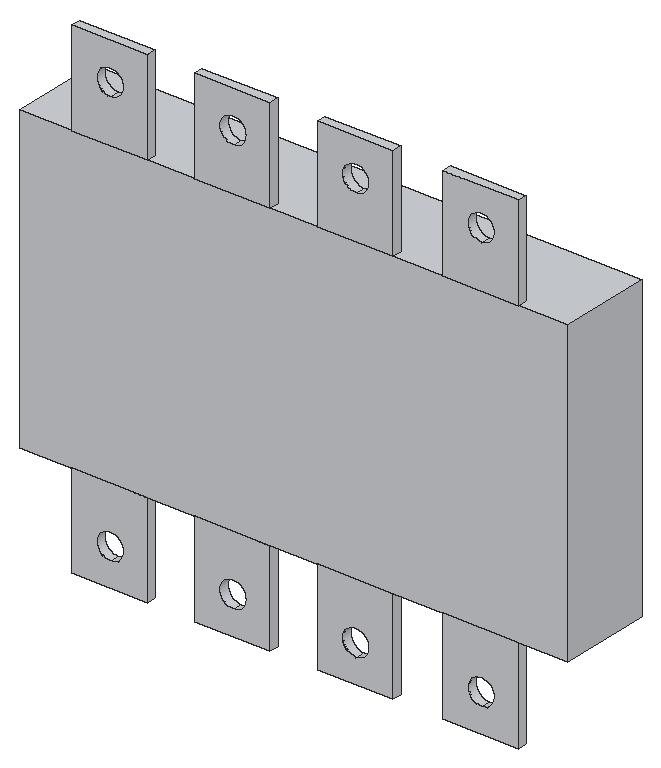
Revit family "Power-MouldedCaseDevices-GEWISS-97MSS-SWITCH_DISCONNECTOR_630_4P", category Apparecchi elettrici, host Muro, Revit 2016
Family settings
  Host = Muro
  Mantenere orientamento annotazione = Sì
  Tipo di parte = Normale
  Quota connettore circolare = Usa diametro
  Numero OmniClass = 23.80.50.00
  Titolo OmniClass = Terminals for Power Supply
  Sempre verticale = Sì
  Taglio con vuoti quando caricato = No
  Condiviso = No
  Punto di calcolo locali = Sì
Parameters (values of type "GW97734 - SWITCH DISCONNECTOR MSS 630 4P 630A")
  Version file RFA = "18.0"
  URL = "https://www.gewiss.com/ww/en"
  Technical sheet = "https://www.gewiss.com/ww/en/search?q=GW97734"
  SEO = "Disconnector"
  Realized by GEWISS S.p.A. = ""
  Rated voltage = "400V"
  Rated current: = "630A"
  Rated current (In) = "630A"
  Produttore = "GEWISS S.p.A."
  Number of poles = "4P"
  No. of poles = "4P"
  Modello = "GW97734"
  Label = "MSS 630"
  Immagine tipo = GW97734.jpg
  IFC.TypeObject = ""
  IFC.ExportType = ""
  IFC.ExportAs = ""
  IDT = "5ccbb37a-71f1-4c7e-90c4-2e8808b06f3c"
  IDF = "91573172-9ef6-4ff1-bd0e-2b967b27cf72"
  GW - Codice Electrocod = "150"
  EAN code = "8011564211544"
  Descrizione = "SWITCH DISCONNECTOR MSS 630 4P 630A"
  Catalogue Range = "97 MSS"
  Catalogue = "POWER"
  COBie.Tagnumber = ""
  COBie.CreatedOn = ""
  COBie.CreatebBy = ""
  COBie.ComponentRegisterItemID = ""
  COBie.Component.TagNumber = ""
  COBie.Component.Space = ""
  COBie.Component.SerialNumber = ""
  COBie.Component.InstallationDate = ""
  COBie.Component.Description = ""
  COBie.Component.BarCode = ""
Types (2, lengths in mm): name | Technical sheet | Rated current: | Rated current (In) | Modello | Immagine tipo | IDT | EAN code | Descrizione
  GW97734 - SWITCH DISCONNECTOR MSS 630 4P 630A | "https://www.gewiss.com/ww/en/search?q=GW97734" | "630A" | "630A" | "GW97734" | GW97734.jpg | "5ccbb37a-71f1-4c7e-90c4-2e8808b06f3c" | "8011564211544" | "SWITCH DISCONNECTOR MSS 630 4P 630A"
  GW97733 - SWITCH DISCONNECTOR MSS 630 4P 400A | "https://www.gewiss.com/ww/en/search?q=GW97733" | "400A" | "400A" | "GW97733" | GW97733.jpg | "4692fb69-e2c0-40a5-9fab-9bc2bc5b8fff" | "8011564211537" | "SWITCH DISCONNECTOR MSS 630 4P 400A"
Reference planes
  plane 1 "Muro": y = 0
  plane 2 "Centro (Sinistra/Destra)": x = 125
  plane 3 "Indietro": y = 75
Text (mm)
  text "Lato posizionamento" at (-1848.837, 1116.779, 0), in view "Livello rif."
  text "Lato posizionamento" at (0, 1409.804, 2854.306), in view "Sinistra"
  text "Lato posizionamento" at (0, 499.811, 2980.732), in view "Destra"
Dimensions and locks
  locked: plane 3 "Indietro" to host wall
  aligned and locked: plane 1 "Muro" to host wall
  aligned and locked: nested 1 to plane 2 "Centro (Sinistra/Destra)"
Nested families
  nested 1: "GENERICO - MSS630 SEZIONATORI ROTATIVI 630A 4P" at (125, 75, 564.847) x (-1, 0, 0) z (0, 0, 1), type "GENERICO - MSS630 SEZIONATORI ROTATIVI 630A 4P"
Definition of nested family "GENERICO - MSS630 SEZIONATORI ROTATIVI 630A 4P"
  Parameters (values of type "GENERICO - MSS630 SEZIONATORI ROTATIVI 630A 4P")
    h_barra din = if(Altezza barre = 1 mm, 69.9 mm, if(Altezza barre = 2 mm, 115.8 mm, 0 mm))  # 0 mm
    TIPO = 15
    Default Elevation = 1219.2 mm
    Type Image = element 28584
    IFC.TypeObject = ""
    IFC.ExportType = ""
    IFC.ExportAs = ""
    H = if(AB_O = 1, AB_V, if(AB_O = 2, AB_H, 50.8 mm))  # 50.8 mm
    GW96815 = TIPO = 15  # yes
    GW96814 = TIPO = 0  # no
    GW96813 = TIPO = 13  # no
    GW96810 = TIPO = 10  # no
    GW - Tipo = "Forma \"L\" 4P"
    GW - Installazione = "Piastra/guida DIN"
    GW - Descrizione = "BDR 160 FORMA \"L\" (MTX/E 160) 4P"
    GW - Costruttore = "GEWISS"
    GW - Codice Electrocod = "1511"
    GW - Codice = "GWD8245"
    GW - Catalogo = "POWER"
    GW - Caratteristiche = "Regolabile"
    GW - Adatto per = "MTX/E 160"
    GEWISS URL = "http://www.gewiss.com/prv/it_IT/index.html"
    GEWISS SCHEDA TECNICA = "http://pro.gewiss.com/irj/portal/?NavigationTarget=pcd:portal_content/com.gewiss.ZPPFDMain/com.gewiss.ZPPFDITMain/com.gewiss.ZPPFDITMainDefault/com.gewiss.ZPPFDITPages/com.gewiss.ZPPFDITPagesAP/com.gewiss.ZPPFDITPagesAPCatalogo/com.gewiss.ZPPPDITAPProductDetail&codProd=GWD8245"
    Dist barra din = 0 mm  # constant formula
    COBie.CreatedOn = ""
    COBie.CreatebBy = ""
    COBie.ComponentRegisterItemID = ""
    COBie.Component.TagNumber = ""
    COBie.Component.Space = ""
    COBie.Component.SerialNumber = ""
    COBie.Component.InstallationDate = ""
    COBie.Component.Description = ""
    COBie.Component.BarCode = ""
    C1 = 49 mm  # constant formula
    C = 50 mm  # constant formula
    B1 = 187 mm
    B = 160 mm
    Altezza barre = 5 mm  # constant formula
    AB_V = 3 mm  # constant formula
    AB_H = 5 mm  # constant formula
    AB_O = 0  # constant formula
    A = 290 mm
  Reference planes
    plane 1 "Centro (Fronte/Retro)": y = 0
    plane 2: z = 0
    plane 3 "Centro (Sinistra/Destra)": x = 0
    plane 4: x = -180
    plane 5: x = 110
    plane 6: z = 210
    plane 7: z = 130
    plane 8: z = 179
    plane 9: x = -50
    plane 10: x = -1
    plane 11 "C1": y = -49
    plane 12: y = -44
    plane 13: z = 50
    plane 14: y = -5
  Forms (mm)
    Extrusion 1, solid
      sketch origin (0, -25, 0) x (0, 0, 1) y (1, 0, 0)
        loop
          line (210, 110) -> (50, 110) -> (50, -180) -> (210, -180) -> (210, 110)
      from -24 to 25
    Extrusion 2, void
      sketch origin (0, -49, 0) x (0, 0, 1) y (1, 0, 0)
        loop
          line (179, -50) -> (179, -1) -> (130, -1) -> (130, -50) -> (179, -50)
      from 0 to 5
    Extrusion 3, solid
      sketch origin (0, -49, 0) x (0, 0, 1) y (1, 0, 0)
        loop
          circle (155.454, -24.784) r 19.986
      from -3.053 to 5
    Extrusion 4, solid
      sketch origin (0, -49, 0) x (0, 0, 1) y (1, 0, 0)
        loop
          line (146.5, -30) -> (139.577, -36.923)
          arc (139.577, -36.923) -> (155.131, -44.767) -> (170.93, -37.43) r 19.986
          line (170.93, -37.43) -> (163.5, -30) -> (163.5, 106.305) -> (146.5, 106.305) -> (146.5, -30)
      from -6.808 to -3.053
    Extrusion 5, solid
      sketch origin (0, -49, 0) x (0, 0, 1) y (1, 0, 0)
        loop
          line (210, 82.5) -> (210, 42.5) -> (260, 42.5) -> (260, 82.5) -> (210, 82.5)
        loop
          line (210, -22.5) -> (260, -22.5) -> (260, 17.5) -> (210, 17.5) -> (210, -22.5)
        loop
          line (210, -87.5) -> (260, -87.5) -> (260, -47.5) -> (210, -47.5) -> (210, -87.5)
        loop
          line (50, -47.5) -> (0, -47.5) -> (0, -87.5) -> (50, -87.5) -> (50, -47.5)
        loop
          line (50, -22.5) -> (50, 17.5) -> (0, 17.5) -> (0, -22.5) -> (50, -22.5)
        loop
          line (50, 82.5) -> (0, 82.5) -> (0, 42.5) -> (50, 42.5) -> (50, 82.5)
        loop
          circle (240.063, -68.011) r 6.98
        loop
          circle (240.063, -3.011) r 6.98
        loop
          circle (240.063, 61.989) r 6.98
        loop
          circle (19.937, -68.011) r 6.98
        loop
          circle (19.937, -3.011) r 6.98
        loop
          circle (19.937, 61.989) r 6.98
        loop
          line (210, -153.878) -> (260, -153.878) -> (260, -113.878) -> (210, -113.878) -> (210, -153.878)
        loop
          line (50, -113.878) -> (0, -113.878) -> (0, -153.878) -> (50, -153.878) -> (50, -113.878)
        loop
          circle (240.063, -134.388) r 6.98
        loop
          circle (19.937, -134.388) r 6.98
      from 44 to 49
  Cuts and joins
    Extrusion 2 cuts Extrusion 1
  Lines and regions (mm)
    model lines, detail levels fine
      curve 1: line (-90.956, -49, 65.196) -> (-90.956, -49, 57.559)
      curve 2: line (-90.956, -49, 57.559) -> (-93.515, -49, 57.559)
      curve 3: line (-93.515, -49, 57.559) -> (-94.999, -49, 57.745)
      curve 4: line (-94.999, -49, 57.745) -> (-96.815, -49, 58.549)
      curve 5: line (-96.815, -49, 58.549) -> (-98.257, -49, 59.887)
      curve 6: line (-98.257, -49, 59.887) -> (-99.211, -49, 61.691)
      curve 7: line (-99.211, -49, 61.691) -> (-99.507, -49, 63.611)
      curve 8: line (-99.507, -49, 63.611) -> (-99.221, -49, 65.382)
      curve 9: line (-99.221, -49, 65.382) -> (-98.454, -49, 66.944)
      curve 10: line (-98.454, -49, 66.944) -> (-97.078, -49, 68.37)
      curve 11: line (-97.078, -49, 68.37) -> (-95.413, -49, 69.235)
      curve 12: line (-95.413, -49, 69.235) -> (-93.54, -49, 69.544)
      curve 13: line (-93.54, -49, 69.544) -> (-90.956, -49, 69.544)
      curve 14: line (-90.956, -49, 69.544) -> (-90.956, -49, 66.251)
      curve 15: line (-90.956, -49, 66.251) -> (-95.303, -49, 66.251)
      curve 16: line (-95.303, -49, 66.251) -> (-95.303, -49, 60.851)
      curve 17: line (-95.303, -49, 60.851) -> (-94.244, -49, 60.851)
      curve 18: line (-94.244, -49, 60.851) -> (-94.244, -49, 65.196)
      curve 19: line (-94.244, -49, 65.196) -> (-90.956, -49, 65.196)
      curve 20: line (-80.617, -49, 57.559) -> (-89.902, -49, 57.559)
      curve 21: line (-89.902, -49, 57.559) -> (-89.902, -49, 69.544)
      curve 22: line (-89.902, -49, 69.544) -> (-84.963, -49, 69.544)
      curve 23: line (-84.963, -49, 69.544) -> (-84.963, -49, 66.251)
      curve 24: line (-84.963, -49, 66.251) -> (-86.612, -49, 66.251)
      curve 25: line (-86.612, -49, 66.251) -> (-86.612, -49, 65.198)
      curve 26: line (-86.612, -49, 65.198) -> (-80.618, -49, 65.198)
      curve 27: line (-80.618, -49, 65.198) -> (-80.618, -49, 61.904)
      curve 28: line (-80.618, -49, 61.904) -> (-86.609, -49, 61.904)
      curve 29: line (-86.609, -49, 61.904) -> (-86.609, -49, 60.851)
      curve 30: line (-86.609, -49, 60.851) -> (-80.617, -49, 60.851)
      curve 31: line (-80.617, -49, 60.851) -> (-80.617, -49, 57.559)
      curve 32: line (-63.825, -49, 57.559) -> (-63.825, -49, 65.197)
      curve 33: line (-63.825, -49, 65.197) -> (-67.118, -49, 65.197)
      curve 34: line (-67.118, -49, 65.197) -> (-67.118, -49, 57.559)
      curve 35: line (-67.118, -49, 57.559) -> (-63.825, -49, 57.559)
      curve 36: line (-74.855, -49, 57.559) -> (-73.868, -49, 62.498)
      curve 37: line (-73.868, -49, 62.498) -> (-72.88, -49, 57.559)
      curve 38: line (-72.88, -49, 57.559) -> (-69.587, -49, 57.559)
      curve 39: line (-69.587, -49, 57.559) -> (-67.546, -49, 66.251)
      curve 40: line (-67.546, -49, 66.251) -> (-63.825, -49, 66.251)
      curve 41: line (-63.825, -49, 66.251) -> (-63.825, -49, 69.544)
      curve 42: line (-63.825, -49, 69.544) -> (-70.147, -49, 69.544)
      curve 43: line (-70.147, -49, 69.544) -> (-71.332, -49, 64.473)
      curve 44: line (-71.332, -49, 64.473) -> (-72.155, -49, 69.544)
      curve 45: line (-72.155, -49, 69.544) -> (-75.58, -49, 69.544)
      curve 46: line (-75.58, -49, 69.544) -> (-76.403, -49, 64.473)
      curve 47: line (-76.403, -49, 64.473) -> (-77.588, -49, 69.544)
      curve 48: line (-77.588, -49, 69.544) -> (-83.91, -49, 69.544)
      curve 49: line (-83.91, -49, 69.544) -> (-83.91, -49, 66.251)
      curve 50: line (-83.91, -49, 66.251) -> (-80.189, -49, 66.251)
      curve 51: line (-80.189, -49, 66.251) -> (-78.152, -49, 57.559)
      curve 52: line (-78.152, -49, 57.559) -> (-74.855, -49, 57.559)
      curve 53: line (-53.486, -49, 69.544) -> (-62.771, -49, 69.544)
      curve 54: line (-62.771, -49, 69.544) -> (-62.771, -49, 61.905)
      curve 55: line (-62.771, -49, 61.905) -> (-56.779, -49, 61.905)
      curve 56: line (-56.779, -49, 61.905) -> (-56.779, -49, 60.851)
      curve 57: line (-56.779, -49, 60.851) -> (-62.771, -49, 60.851)
      curve 58: line (-62.771, -49, 60.851) -> (-62.771, -49, 57.559)
      curve 59: line (-62.771, -49, 57.559) -> (-53.486, -49, 57.559)
      curve 60: line (-53.486, -49, 57.559) -> (-53.486, -49, 65.197)
      curve 61: line (-53.486, -49, 65.197) -> (-59.479, -49, 65.197)
      curve 62: line (-59.479, -49, 65.197) -> (-59.479, -49, 66.251)
      curve 63: line (-59.479, -49, 66.251) -> (-53.486, -49, 66.251)
      curve 64: line (-53.486, -49, 66.251) -> (-53.486, -49, 69.544)
      curve 65: line (-52.433, -49, 69.544) -> (-52.433, -49, 61.905)
      curve 66: line (-52.433, -49, 61.905) -> (-46.845, -49, 61.905)
      curve 67: line (-46.845, -49, 61.905) -> (-46.845, -49, 60.851)
      curve 68: line (-46.845, -49, 60.851) -> (-52.433, -49, 60.851)
      curve 69: line (-52.433, -49, 60.851) -> (-52.433, -49, 57.559)
      curve 70: line (-52.433, -49, 57.559) -> (-49.14, -49, 57.559)
      curve 71: line (-49.14, -49, 57.559) -> (-47.238, -49, 58.169)
      curve 72: line (-47.238, -49, 58.169) -> (-46.011, -49, 58.97)
      curve 73: line (-46.011, -49, 58.97) -> (-44.606, -49, 60.694)
      curve 74: line (-44.606, -49, 60.694) -> (-43.953, -49, 62.628)
      curve 75: line (-43.953, -49, 62.628) -> (-43.934, -49, 64.344)
      curve 76: line (-43.934, -49, 64.344) -> (-44.112, -49, 65.197)
      curve 77: line (-44.112, -49, 65.197) -> (-49.14, -49, 65.197)
      curve 78: line (-49.14, -49, 65.197) -> (-49.14, -49, 66.251)
      curve 79: line (-49.14, -49, 66.251) -> (-44.561, -49, 66.251)
      curve 80: line (-44.561, -49, 66.251) -> (-45.156, -49, 67.246)
      curve 81: line (-45.156, -49, 67.246) -> (-46.012, -49, 68.133)
      curve 82: line (-46.012, -49, 68.133) -> (-47.204, -49, 68.916)
      curve 83: line (-47.204, -49, 68.916) -> (-48.449, -49, 69.372)
      curve 84: line (-48.449, -49, 69.372) -> (-49.849, -49, 69.544)
      curve 85: line (-49.849, -49, 69.544) -> (-52.433, -49, 69.544)
  Dimensions and locks
    "A": plane 5 to plane 4
    "C1": plane 11 "C1" to plane 1 "Centro (Fronte/Retro)"
    locked: plane 11 "C1" to plane 12 at 5
    plane 9 to plane 4 = 130 mm
    locked: plane 10 to plane 9 at 49
    locked: plane 8 to plane 7 at 49
    plane 13 to level = 50 mm
    "B": plane 6 to plane 13
    plane 7 to plane 13 = 80 mm
    locked: plane 14 to plane 1 "Centro (Fronte/Retro)" at 5
    locked: Extrusion 3 to plane 11 "C1" at 3.053
    aligned and locked: level to plane 2
    aligned and locked: Extrusion 1 sketch curve to plane 4
    aligned and locked: plane 5 to Extrusion 1 sketch curve
    aligned and locked: plane 6 to Extrusion 1 sketch curve
    aligned and locked: Extrusion 1 to plane 11 "C1"
    aligned and locked: Extrusion 1 to plane 1 "Centro (Fronte/Retro)"
    aligned and locked: Extrusion 2 sketch curve to plane 8
    aligned and locked: Extrusion 2 sketch curve to plane 9
    aligned and locked: plane 7 to Extrusion 2 sketch curve
    aligned and locked: plane 10 to Extrusion 2 sketch curve
    aligned and locked: plane 12 to cut or joined group of Extrusion 1, Extrusion 2
    aligned and locked: Extrusion 1 sketch curve to plane 13
    aligned and locked: plane 12 to Extrusion 3
    aligned and locked: Extrusion 5 to plane 14
    aligned and locked: Extrusion 5 to plane 1 "Centro (Fronte/Retro)"
  Automatic sketch dimensions
    plane 8 to Extrusion 3 sketch curve = 23.546 mm
    Extrusion 3 sketch curve to plane 10 = 23.784 mm
    Extrusion 4 sketch curve to plane 5 = 3.695 mm
    Extrusion 4 sketch curve to plane 7 = 16.5 mm
    plane 9 to Extrusion 4 sketch curve = 20 mm
    Extrusion 4 sketch curve to Extrusion 4 sketch curve = 0 mm
    Extrusion 4 sketch curve to Extrusion 4 sketch curve = 8.046 mm
    Extrusion 4 sketch curve to Extrusion 4 sketch curve = 5.216 mm
    Extrusion 4 sketch curve to plane 7 = 9.577 mm
    plane 8 to Extrusion 4 sketch curve = 8.07 mm
    Extrusion 4 sketch curve to Extrusion 4 sketch curve = 6.923 mm
    Extrusion 4 sketch curve to Extrusion 4 sketch curve = 7.43 mm
    curve 21 to plane 13 = 7.559 mm
    curve 52 to curve 20 = 0 mm
    curve 39 to curve 36 = 0 mm
    curve 35 to curve 38 = 0 mm
    curve 58 to curve 32 = 0 mm
    curve 69 to curve 59 = 0 mm
    curve 20 to curve 1 = 0 mm
    curve 1 to curve 3 = 0 mm
    curve 2 to curve 3 = 0.187 mm
    plane 9 to curve 71 = 2.762 mm
    curve 70 to curve 71 = 0.611 mm
    curve 3 to curve 5 = 0.804 mm
    plane 9 to curve 72 = 3.989 mm
    curve 71 to curve 72 = 0.8 mm
    curve 5 to curve 5 = 1.338 mm
    curve 72 to curve 73 = 1.724 mm
    curve 4 to curve 16 = 2.302 mm
    curve 72 to curve 68 = 1.882 mm
    curve 56 to curve 68 = 0 mm
    curve 20 to curve 31 = 3.293 mm
    curve 5 to curve 7 = 1.804 mm
    curve 30 to curve 27 = 1.053 mm
    curve 57 to curve 54 = 1.053 mm
    curve 68 to curve 65 = 1.053 mm
    curve 37 to curve 37 = 4.939 mm
    plane 9 to curve 75 = 6.047 mm
    curve 73 to curve 75 = 1.934 mm
    curve 6 to curve 7 = 1.92 mm
    plane 9 to curve 76 = 6.066 mm
    curve 74 to curve 76 = 1.716 mm
    curve 36 to curve 47 = 1.976 mm
    curve 36 to curve 43 = 1.976 mm
    curve 17 to curve 18 = 4.346 mm
    plane 9 to curve 78 = 0.86 mm
    curve 66 to curve 78 = 3.293 mm
    curve 55 to curve 61 = 3.293 mm
    curve 54 to curve 32 = 3.293 mm
    curve 28 to curve 25 = 3.294 mm
    curve 7 to curve 9 = 1.772 mm
    curve 25 to curve 49 = 1.053 mm
    curve 77 to curve 79 = 1.053 mm
    curve 33 to curve 40 = 1.053 mm
    curve 18 to curve 16 = 1.054 mm
    curve 60 to curve 64 = 1.053 mm
    curve 25 to curve 25 = 1.053 mm
    curve 8 to curve 9 = 1.562 mm
    plane 9 to curve 80 = 4.844 mm
    curve 79 to curve 80 = 0.995 mm
    plane 9 to curve 82 = 3.988 mm
    curve 80 to curve 82 = 0.887 mm
    curve 9 to curve 10 = 1.425 mm
    plane 9 to curve 82 = 2.796 mm
    curve 81 to curve 82 = 0.783 mm
    curve 10 to curve 11 = 0.866 mm
    plane 9 to curve 84 = 1.551 mm
    curve 82 to curve 84 = 0.456 mm
    curve 11 to curve 12 = 0.308 mm
    curve 21 to curve 13 = 0 mm
    curve 63 to curve 65 = 3.293 mm
    curve 64 to curve 65 = 0 mm
    curve 41 to curve 53 = 0 mm
    curve 49 to curve 22 = 0 mm
    curve 46 to curve 47 = 0 mm
    plane 9 to curve 71 = 0.86 mm
    plane 9 to curve 85 = 0.151 mm
    curve 85 to plane 9 = 2.433 mm
    curve 68 to curve 65 = 0 mm
    curve 64 to curve 65 = 1.054 mm
    curve 61 to curve 63 = 0 mm
    curve 56 to curve 68 = 4.346 mm
    curve 63 to curve 55 = 2.7 mm
    curve 57 to curve 61 = 3.293 mm
    curve 57 to curve 55 = 0 mm
    curve 32 to curve 58 = 1.054 mm
    curve 42 to curve 53 = 1.054 mm
    curve 33 to curve 32 = 3.293 mm
    curve 39 to curve 33 = 0.428 mm
    curve 39 to curve 34 = 2.469 mm
    curve 43 to curve 39 = 2.601 mm
    curve 43 to curve 39 = 3.786 mm
    curve 45 to curve 42 = 2.008 mm
    curve 38 to curve 38 = 3.293 mm
    curve 36 to curve 43 = 2.535 mm
    curve 36 to curve 37 = 1.976 mm
    curve 45 to curve 44 = 3.424 mm
    curve 47 to curve 36 = 2.535 mm
    curve 47 to curve 45 = 2.009 mm
    curve 52 to curve 36 = 3.297 mm
    curve 50 to curve 46 = 3.786 mm
    curve 30 to curve 51 = 2.465 mm
    curve 28 to curve 30 = 0 mm
    curve 50 to curve 26 = 3.292 mm
    curve 24 to curve 49 = 1.053 mm
    curve 29 to curve 23 = 1.646 mm
    curve 26 to curve 23 = 1.649 mm
    curve 21 to curve 24 = 3.29 mm
    curve 19 to curve 25 = 4.344 mm
    curve 14 to curve 21 = 1.054 mm
    curve 2 to curve 1 = 2.559 mm
    curve 13 to curve 13 = 2.584 mm
    curve 17 to curve 2 = 0.729 mm
    curve 4 to curve 2 = 1.484 mm
    curve 15 to curve 18 = 1.058 mm
    curve 11 to curve 12 = 1.873 mm
    curve 5 to curve 3 = 1.816 mm
    curve 10 to curve 11 = 1.665 mm
    curve 6 to curve 5 = 1.442 mm
    curve 9 to curve 10 = 1.376 mm
    curve 7 to curve 5 = 0.955 mm
    curve 8 to curve 9 = 0.767 mm
    curve 8 to curve 8 = 0.286 mm
    curve 67 to curve 74 = 2.892 mm
    curve 74 to curve 74 = 0.654 mm
    curve 80 to curve 79 = 0.595 mm
    curve 76 to curve 75 = 0.178 mm
    Extrusion 5 sketch curve to level = 0 mm  (x4)
    Extrusion 5 sketch curve to plane 13 = 0 mm  (x4)
    Extrusion 5 sketch curve to plane 6 = 0 mm  (x4)
    Extrusion 5 sketch curve to plane 10 = 2.011 mm  (x2)
    level to Extrusion 5 sketch curve = 19.937 mm  (x4)
    plane 6 to Extrusion 5 sketch curve = 30.063 mm  (x4)
    Extrusion 5 sketch curve to Extrusion 5 sketch curve = 19.937 mm  (x3)
    plane 9 to Extrusion 5 sketch curve = 2.5 mm  (x2)
    Extrusion 5 sketch curve to Extrusion 5 sketch curve = 0 mm
    Extrusion 5 sketch curve to plane 9 = 18.011 mm  (x2)
    Extrusion 5 sketch curve to Extrusion 5 sketch curve = 19.489 mm  (x4)
    Extrusion 5 sketch curve to Extrusion 5 sketch curve = 26.378 mm  (x2)
    Extrusion 5 sketch curve to Extrusion 5 sketch curve = 20.511 mm  (x2)
    plane 4 to Extrusion 5 sketch curve = 26.122 mm  (x2)
    Extrusion 5 sketch curve to plane 10 = 21.5 mm  (x2)
    plane 3 "Centro (Sinistra/Destra)" to Extrusion 5 sketch curve = 17.5 mm  (x2)
    Extrusion 5 sketch curve to Extrusion 5 sketch curve = 25 mm  (x2)
    Extrusion 5 sketch curve to plane 5 = 27.5 mm  (x2)
    radius of Extrusion 3 sketch curve = 19.986 mm
    radius of Extrusion 5 sketch curve = 6.98 mm  (x8)
